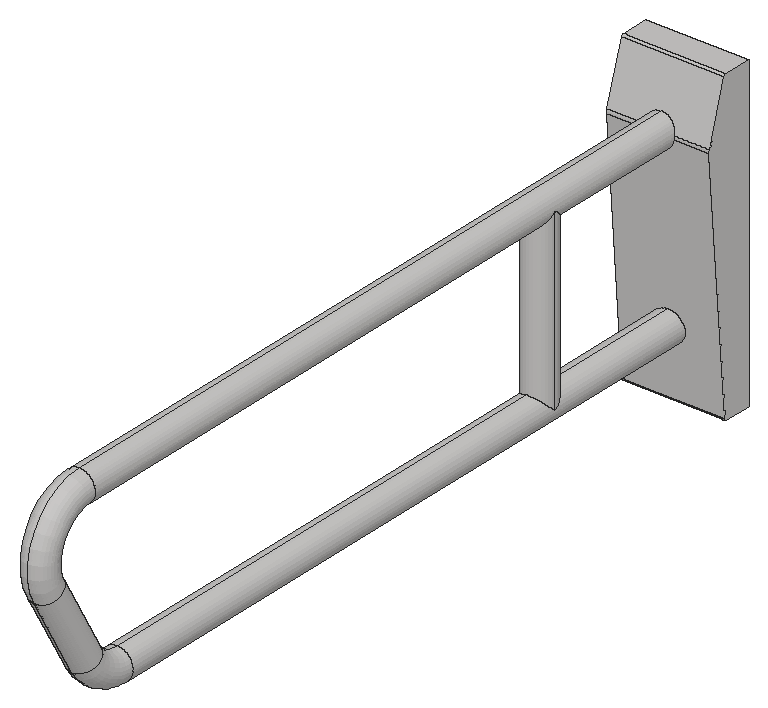
Revit family "Grab Rail_Metlam_Pull Down", category Specialty Equipment, Revit 2016
Family settings
  Part Type = Normal
  Round Connector Dimension = Use Diameter
  OmniClass Number = 23.40.20.21.47
  OmniClass Title = Bath Grab Bars
  Work Plane-Based = No
  Always vertical = Yes
  Cut with Voids When Loaded = No
  Shared = No
  Room Calculation Point = Yes
Parameters (values of type "104w x 850d x 315h (MLR50)")
  Width = 104 mm  # constant formula
  URL = "http://www.metlam.com.au/"
  Type Comments = "Grab Rails"  # constant formula
  Model = "MLR50"
  Material_ANZRS = z_Metlam_Metal_Stainless Steel_Satin
  Height = 315 mm  # constant formula
  Manufacturer_URL__Product Specific = "http://metlam.com.au/product/content/grab-rails/MLR50"
  Manufacturer_Spec Code = Model  # "MLR50"
  Manufacturer_Height From FFL [instance] = 800 mm
  Manufacturer = "Metlam"  # constant formula
  Keynote = ""
  Description = "Pull Down Grab Rail"  # constant formula
  Depth = 850 mm  # constant formula
  CreatedBy_ANZRS = "IGS BIM Solutions"  # constant formula
  CreatedByURL_ANZRS = "http://www.igsgroup.com.au/"
  Assembly Code = ""
Reference planes
  plane 1 "Back": y = 0
  plane 2 "Ref. Level": z = 0
  plane 3 "Bottom": z = 529.956
  plane 4 "Front": y = -850
  plane 5 "Top": z = 844.956
  plane 6 "Center (Left/Right)": x = -57.964
  plane 7 "Mounting Height": z = 800
  plane 8 "Bottom Rail_Bottom": z = 585
  plane 9 "Left": x = -109.964
  plane 10 "Right": x = -5.964
  plane 11 "Top Rail_Bottom": z = 768
  plane 12 "Bottom Rail_Top": z = 617.051
  plane 13 "Bar_Centre (Front/Back)": y = -200
  plane 14 "Rail_Left": x = -73.964
  plane 15 "Rail_Right": x = -41.964
Forms (mm)
  Extrusion 1, solid, material "z_Metlam_Metal_Stainless Steel_Satin" <- "Material_ANZRS"
    sketch origin (-57.964, 0, 0) x (0, 1, 0) y (0, 0, 1)
      loop
        line (0, 844.956) -> (-28.183, 844.956)
        arc (-28.183, 844.956) -> (-29.653, 844.478) -> (-30.561, 843.228) r 2.5
        line (-30.561, 843.228) -> (-49.309, 785.482)
        arc (-49.309, 785.482) -> (-49.728, 783.569) -> (-49.767, 781.611) r 10
        line (-49.767, 781.611) -> (-30.181, 532.26)
        arc (-30.181, 532.26) -> (-29.386, 530.62) -> (-27.689, 529.956) r 2.5
        line (-27.689, 529.956) -> (0, 529.956) -> (0, 844.956)
    from -52 to 52
  Sweep 2, solid, material "z_Metlam_Metal_Stainless Steel_Satin" <- "Material_ANZRS"
    path origin (-57.964, 0, 0) x (0, 1, 0) y (0, 0, 1)
      loop
        line (-43, 783.956) -> (-784, 783.956)
        arc (-784, 783.956) -> (-827.301, 758.956) -> (-827.301, 708.956) r 50
        line (-827.301, 708.956) -> (-779.381, 625.956)
        arc (-779.381, 625.956) -> (-761.08, 607.654) -> (-736.08, 600.956) r 50
        line (-736.08, 600.956) -> (-25.222, 600.956)
    profile origin (-57.964, -413.5, 783.956) x (0, 0, -1) y (1, 0, 0)
      loop
        circle (0, 0) r 16
  Extrusion 3, solid, material "z_Metlam_Metal_Stainless Steel_Satin" <- "Material_ANZRS"
    sketch origin (0, 0.964, 529.956) x (-1, 0, 0) y (0, -1, 0)
      loop
        circle (57.964, 200.964) r 15.964
    from 71.044 to 254.021
Cuts and joins
  joined: Extrusion 1, Sweep 2, Extrusion 3
Lines and regions (mm)
  Masking region 1
    outline origin (0, 0, 529.956) x (-1, 0, 0) y (0, -1, 0)
      loop
        line (109.964, 0) -> (109.964, 50) -> (74, 50) -> (74, 834)
        arc (74, 834) -> (58, 850) -> (42, 834) r 16
        line (42, 834) -> (42, 50) -> (5.964, 50) -> (5.964, 0) -> (109.964, 0)
  symbolic lines, style "Grab Rails", detail levels medium+fine
    curve 1: line (-74.036, -50, 529.956) -> (-42.036, -50, 529.956)
Text (mm)
  text "> Contact Manufacturer to confirm feasibility of design variations outside the scope of this Revit Family\n\n\n\nDisclaimer:\n\nDue to ongoing product development and manufacturing evolution, product details are subject to change without notice. Please refer to product technical data sheets on the manufacturer’s website for the most current product information. Please allow a +/- 5mm manufacturing tolerance for dimensions and set-outs shown in product literature." at (254.605, -104.964, 0), in view "Ref. Level_Instruction"
Dimensions and locks
  "Depth": plane 4 "Front" to plane 1 "Back"
  "Manufacturer_Height From FFL": plane 7 "Mounting Height" to plane 2 "Ref. Level"
  "Height": plane 5 "Top" to plane 3 "Bottom"
  locked: plane 5 "Top" to plane 7 "Mounting Height" at 44.956
  equal spacing: plane 9 "Left", plane 6 "Center (Left/Right)", plane 10 "Right"
  "Width": plane 9 "Left" to plane 10 "Right"
  locked: plane 7 "Mounting Height" to plane 11 "Top Rail_Bottom" at 32
  plane 7 "Mounting Height" to plane 8 "Bottom Rail_Bottom" = 215 mm
  locked: plane 12 "Bottom Rail_Top" to plane 8 "Bottom Rail_Bottom" at 32.051
  plane 8 "Bottom Rail_Bottom" to plane 3 "Bottom" = 55.044 mm
  plane 14 "Rail_Left" to plane 15 "Rail_Right" = 32 mm
  equal spacing: plane 14 "Rail_Left", plane 6 "Center (Left/Right)", plane 15 "Rail_Right"
  aligned and locked: level to plane 2 "Ref. Level"
  aligned and locked: profile plane to Sweep 2 sketch curve  (x2)
  aligned and locked: plane 10 "Right" to cut or joined group of Extrusion 1, Sweep 2, Extrusion 3
  aligned and locked: cut or joined group of Extrusion 1, Sweep 2, Extrusion 3 to plane 9 "Left"
  aligned and locked: plane 13 "Bar_Centre (Front/Back)" to Extrusion 3 sketch curve
Automatic sketch dimensions
  curve 1 to curve 1 = 32 mm
  Extrusion 3 sketch curve to plane 6 "Center (Left/Right)" = 0 mm
  plane 1 "Back" to Masking region 1 sketch curve = 0 mm
  plane 6 "Center (Left/Right)" to Masking region 1 sketch curve = 15.964 mm
  Masking region 1 sketch curve to plane 6 "Center (Left/Right)" = 0.036 mm
  Masking region 1 sketch curve to Masking region 1 sketch curve = 0 mm
  Masking region 1 sketch curve to plane 4 "Front" = 16 mm
  Masking region 1 sketch curve to Masking region 1 sketch curve = 50 mm
  Masking region 1 sketch curve to plane 10 "Right" = 0 mm
  Masking region 1 sketch curve to plane 9 "Left" = 0 mm
  Sweep 2 sketch curve to plane 4 "Front" = 22.699 mm
  plane 11 "Top Rail_Bottom" to Sweep 2 sketch curve = 15.956 mm
  Sweep 2 sketch curve to plane 4 "Front" = 66 mm
  plane 8 "Bottom Rail_Bottom" to Sweep 2 sketch curve = 40.956 mm
  Sweep 2 sketch curve to plane 4 "Front" = 70.619 mm
  Sweep 2 sketch curve to Sweep 2 sketch curve = 43.301 mm
  Sweep 2 sketch curve to plane 11 "Top Rail_Bottom" = 59.044 mm
  plane 1 "Back" to Sweep 2 sketch curve = 43 mm
  plane 1 "Back" to Sweep 2 sketch curve = 25.222 mm
  Extrusion 1 sketch curve to plane 5 "Top" = 0 mm
  Extrusion 1 sketch curve to plane 3 "Bottom" = 0 mm
  Extrusion 1 sketch curve to plane 1 "Back" = 0 mm
  plane 3 "Bottom" to Extrusion 1 sketch curve = 2.5 mm
  plane 1 "Back" to Extrusion 1 sketch curve = 27.689 mm
  Extrusion 1 sketch curve to plane 5 "Top" = 2.5 mm
  plane 1 "Back" to Extrusion 1 sketch curve = 28.183 mm
  plane 3 "Bottom" to Extrusion 1 sketch curve = 2.304 mm
  Extrusion 1 sketch curve to plane 5 "Top" = 1.728 mm
  plane 11 "Top Rail_Bottom" to Extrusion 1 sketch curve = 14.394 mm
  plane 1 "Back" to Extrusion 1 sketch curve = 39.797 mm
  Extrusion 1 sketch curve to plane 7 "Mounting Height" = 14.518 mm
  Extrusion 1 sketch curve to Extrusion 1 sketch curve = 9.511 mm
  plane 11 "Top Rail_Bottom" to Extrusion 1 sketch curve = 13.611 mm
  plane 6 "Center (Left/Right)" to curve 1 = 15.927 mm
  plane 1 "Back" to curve 1 = 50 mm
  plane 8 "Bottom Rail_Bottom" to Sweep 2 sketch curve = 15.956 mm
  radius of Sweep 2 sketch curve = 16 mm
  radius of Extrusion 3 sketch curve = 15.964 mm
